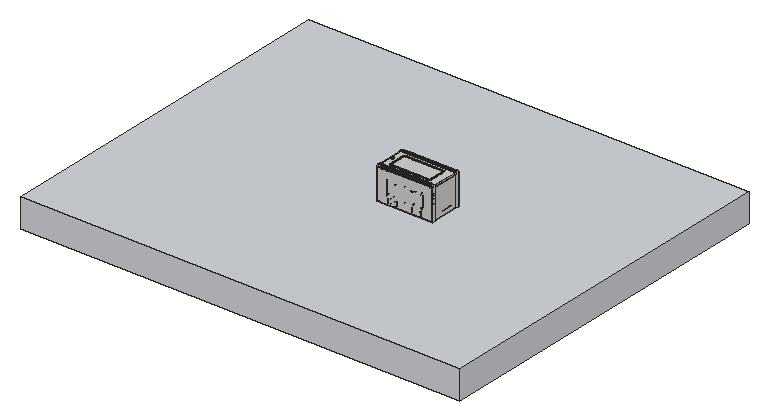
Revit family "ШТ-НСр 600х350", category Обобщенные модели, Revit 2019
Family settings
  Основа = Грань
  Может служить основой для арматурных стержней = Нет
  Размер круглого соединителя = Использовать диаметр
  Тип детали = Нормальный
  При загрузке вырезать с полостями = Нет
  Общий = Нет
  Точка расчета площади = Нет
Parameters (values of type "ШТ-НСр 6U (600х350мм) перфорированная дверь")
  Смещение двери = ADSK_Размер_Глубина - 24 mm  # 326 mm
  Default Elevation = 800 mm
  Крышка = Крышка 350 : Крышка 350
  Дверь = Дверь_П : Дверь_П
  Высота двери = ADSK_Размер_Высота - 80 mm  # 280 mm
  ADSK_Этаж [instance] = "-"
  ADSK_Размер_Ширина = 600 mm  # constant formula
  ADSK_Размер_Глубина = 350 mm  # constant formula
  ADSK_Размер_Высота = 360 mm
  ADSK_Примечание [instance] = "-"
  ADSK_Предел огнестойкости = "-"
  ADSK_Позиция [instance] = "-"
  ADSK_Обозначение = "ШТ-НСр 6U (600х350мм) перфорированная дверь"
  ADSK_Наименование = "Шкаф телекоммуникационный настенный разборный 19”,6U(600x350), ШТ-НСр-6U-600-350-П дверь перфорированная ССД"
  ADSK_Материал обозначение = "Серый RAL 7035"  # constant formula
  ADSK_Масса_Текст = "13,5"
  ADSK_Марка [instance] = "ШТ-НСр 6U (600х350мм) перфорированная дверь"
  ADSK_Количество = 1  # constant formula
  ADSK_Код изделия = "130411-00547"
  ADSK_Зона = "-"
  ADSK_Завод-изготовитель = "АО СВЯЗЬСТРОЙДЕТАЛЬ"  # constant formula
  ADSK_Единица измерения = "шт"  # constant formula
  ADSK_URL страницы изделия = "https://www.ssd.ru/shkaf-telekommunikatsionnyy-nastennyy-razbornyy-19-6u-600x350-sht-nsr-6u-600-350-p-dver-perforirovan"
  ADSK_URL документации изделия = "https://www.ssd.ru/upload/iblock/702/fbps99x9t5k7rvodinq4s9cgysybksc9/sert_sht_np.pdf"
Reference planes
  plane 1 "По центру (Вперед/Назад)": y = 0
  plane 2: z = 0
  plane 3 "По центру (Влево/Вправо)": x = 0
  plane 4: y = 180
  plane 5: y = -180
  plane 6: x = 300
  plane 7: x = -300
  plane 8: z = 350
  plane 9: y = 140
  plane 10: y = -140
  plane 11: z = 326
Forms (mm)
  Extrusion 1, solid
    sketch origin (0, 0, 0) x (1, 0, 0) y (0, 1, 0)
      loop
        line (-2700, 1900) -> (-2700, -2015.656) -> (2062.959, -2015.656) -> (2062.959, 1900) -> (-2700, 1900)
    from 0 to -304.8
  Blend 2, solid, not visible
    base sketch origin (-23.449, -36.614, 0) x (1, 0, 0) y (0, 1, 0)
      loop
        circle (-248.551, 36.614) r 12
    top sketch origin (-23.449, -36.614, 0) x (1, 0, 0) y (0, 1, 0)
      loop
        circle (-248.551, 36.614) r 9
    from 347 to 350
  Extrusion 3, solid, not visible
    sketch origin (-105.449, 0, 0) x (1, 0, 0) y (0, 1, 0)
      loop
        circle (-166.551, 0) r 12
    from 346 to 347
  Extrusion 4, void, not visible
    sketch origin (0, -0.025, 0) x (1, 0, 0) y (0, 1, 0)
      loop
        line (-275.828, 0.869) -> (-275.828, -0.725) -> (-267.824, -0.725) -> (-267.824, 0.869) -> (-275.828, 0.869)
    from 347 to 350
  Extrusion 5, solid, material "RAL 7035", detail levels medium+fine
    sketch origin (0, 0, 0) x (-1, 0, 0) y (0, 0, -1)
      loop
        arc (300, -2.994) -> (299.123, -0.877) -> (297.006, 0) r 2.994
        line (297.006, 0) -> (246.94, 0)
        arc (246.94, 0) -> (246.44, -0.501) -> (246.94, -1.001) r 0.501
        line (246.94, -1.001) -> (296.006, -1.001)
        arc (296.006, -1.001) -> (298.132, -1.882) -> (299.013, -4.008) r 3.007
        line (299.013, -4.008) -> (299.013, -325.506)
        arc (299.013, -325.506) -> (299.506, -326) -> (300, -325.506) r 0.494
        line (300, -325.506) -> (300, -2.994)
      loop
        line (-300, -3.007) -> (-300, -325.5)
        arc (-300, -325.5) -> (-299.5, -326) -> (-299, -325.5) r 0.5
        line (-299, -325.5) -> (-299, -4.009)
        arc (-299, -4.009) -> (-298.119, -1.883) -> (-295.993, -1.002) r 3.007
        line (-295.993, -1.002) -> (-246.948, -1.002)
        arc (-246.948, -1.002) -> (-246.447, -0.501) -> (-246.948, 0) r 0.501
        line (-246.948, 0) -> (-296.993, 0)
        arc (-296.993, 0) -> (-299.119, -0.881) -> (-300, -3.007) r 3.007
      loop
        arc (245.778, -0.994) -> (246.278, -0.494) -> (245.778, 0.006) r 0.5
        line (245.778, 0.006) -> (-245.93, 0.006)
        arc (-245.93, 0.006) -> (-246.43, -0.494) -> (-245.93, -0.994) r 0.5
        line (-245.93, -0.994) -> (245.778, -0.994)
    from -140 to 140
  Extrusion 6, void
    sketch origin (10, -269, 0.001) x (1, 0, 0) y (0, 1, 0)
      loop
        line (-281.504, 365) -> (-281.504, 360)
        arc (-281.504, 360) -> (-284.504, 353.755) -> (-281.504, 347.51) r 8
        line (-281.504, 347.51) -> (-281.504, 342.51)
        arc (-281.504, 342.51) -> (-276.504, 337.51) -> (-271.504, 342.51) r 5
        line (-271.504, 342.51) -> (-271.504, 347.51)
        arc (-271.504, 347.51) -> (-268.504, 353.755) -> (-271.504, 360) r 8
        line (-271.504, 360) -> (-271.504, 365)
        arc (-271.504, 365) -> (-276.504, 370) -> (-281.504, 365) r 5
    from 0 to 1
  Extrusion 7, void, not visible
    sketch origin (10, -180, 0) x (1, 0, 0) y (0, 1, 0)
      loop
        line (-281.504, 365) -> (-281.504, 360)
        arc (-281.504, 360) -> (-284.504, 353.755) -> (-281.504, 347.51) r 8
        line (-281.504, 347.51) -> (-281.504, 342.51)
        arc (-281.504, 342.51) -> (-276.504, 337.51) -> (-271.504, 342.51) r 5
        line (-271.504, 342.51) -> (-271.504, 347.51)
        arc (-271.504, 347.51) -> (-268.504, 353.755) -> (-271.504, 360) r 8
        line (-271.504, 360) -> (-271.504, 365)
        arc (-271.504, 365) -> (-276.504, 370) -> (-281.504, 365) r 5
    from 0 to 1
  Extrusion 8, void
    sketch origin (10, -136, 0) x (1, 0, 0) y (0, 1, 0)
      loop
        arc (-281.504, 40) -> (-276.504, 35) -> (-271.504, 40) r 5
        line (-271.504, 40) -> (-271.504, 45)
        arc (-271.504, 45) -> (-268.504, 51.245) -> (-271.504, 57.49) r 8
        line (-271.504, 57.49) -> (-271.504, 62.49)
        arc (-271.504, 62.49) -> (-276.504, 67.49) -> (-281.504, 62.49) r 5
        line (-281.504, 62.49) -> (-281.504, 57.49)
        arc (-281.504, 57.49) -> (-284.504, 51.245) -> (-281.504, 45) r 8
        line (-281.504, 45) -> (-281.504, 40)
    from 0 to 1
  Extrusion 9, void
    sketch origin (-10, 136, 0) x (-1, 0, 0) y (0, -1, 0)
      loop
        arc (-281.504, 40) -> (-276.504, 35) -> (-271.504, 40) r 5
        line (-271.504, 40) -> (-271.504, 45)
        arc (-271.504, 45) -> (-268.504, 51.245) -> (-271.504, 57.49) r 8
        line (-271.504, 57.49) -> (-271.504, 62.49)
        arc (-271.504, 62.49) -> (-276.504, 67.49) -> (-281.504, 62.49) r 5
        line (-281.504, 62.49) -> (-281.504, 57.49)
        arc (-281.504, 57.49) -> (-284.504, 51.245) -> (-281.504, 45) r 8
        line (-281.504, 45) -> (-281.504, 40)
    from 0 to 1
  Extrusion 10, void
    sketch origin (-10, 269, 0) x (-1, 0, 0) y (0, -1, 0)
      loop
        line (-281.504, 365) -> (-281.504, 360)
        arc (-281.504, 360) -> (-284.504, 353.755) -> (-281.504, 347.51) r 8
        line (-281.504, 347.51) -> (-281.504, 342.51)
        arc (-281.504, 342.51) -> (-276.504, 337.51) -> (-271.504, 342.51) r 5
        line (-271.504, 342.51) -> (-271.504, 347.51)
        arc (-271.504, 347.51) -> (-268.504, 353.755) -> (-271.504, 360) r 8
        line (-271.504, 360) -> (-271.504, 365)
        arc (-271.504, 365) -> (-276.504, 370) -> (-281.504, 365) r 5
    from 0 to 1
  Extrusion 11, solid, detail levels coarse
    sketch origin (0, 0, 0) x (1, 0, 0) y (0, 1, 0)
      loop
        line (-300, 180) -> (-300, -180) -> (300, -180) -> (300, 180) -> (-300, 180)
    from 0 to 350
Cuts and joins
  Extrusion 6, Extrusion 8, Extrusion 9, Extrusion 10 cuts Extrusion 5
Lines and regions (mm)
  reference lines, not visible
    curve 1: line (0, 154.048, 340) -> (0, 154.048, 350)
    curve 2: line (-300, 322.037, -0.596) -> (-120, 322.037, -0.596)
    curve 4: line (-274.504, 173.755, 0) -> (-258.504, 173.755, 0)
  reference lines
    curve 3: line (-274.504, 84.755, 0.001) -> (-258.504, 84.755, 0.001)
    curve 5: line (-274.504, -84.755, 0) -> (-258.504, -84.755, 0)
    curve 6: line (274.504, 84.755, 0) -> (258.504, 84.755, 0)
    curve 7: line (274.504, -84.755, 0) -> (258.504, -84.755, 0)
Dimensions and locks
  equal spacing: plane 7, plane 3 "По центру (Влево/Вправо)", plane 6
  "ADSK_Размер_Ширина": plane 7 to plane 6
  equal spacing: plane 5, plane 1 "По центру (Вперед/Назад)", plane 4
  "ADSK_Размер_Высота": plane 5 to plane 4
  "ADSK_Размер_Глубина": Extrusion 1 to plane 8
  locked: plane 9 to plane 4 at 40
  locked: plane 5 to plane 10 at 40
  locked: curve 3 to plane 9 at 55.245
  locked: plane 10 to curve 5 at 55.245
  locked: plane 9 to curve 6 at 55.245
  locked: curve 7 to plane 10 at 55.245
  locked: plane 11 to plane 8 at 24
  locked: nested 2 to plane 5 at 250
  locked: plane 4 to nested 3 at 250
  aligned and locked: Extrusion 1 to plane 2
  aligned and locked: Extrusion 1 to level
  aligned and locked: Blend 2 to Extrusion 4
  aligned and locked: Extrusion 5 to level  (x2)
  aligned and locked: Extrusion 5 to plane 2
  aligned and locked: Extrusion 5 to plane 7
  aligned and locked: plane 6 to Extrusion 5
  aligned and locked: Extrusion 5 to Extrusion 6
  aligned and locked: Extrusion 5 to plane 9
  aligned and locked: plane 10 to Extrusion 5
  aligned and locked: plane 6 to Extrusion 11
  aligned and locked: Extrusion 11 to plane 4
  aligned and locked: Extrusion 11 to plane 7
  aligned and locked: plane 5 to Extrusion 11
  aligned and locked: Extrusion 11 to plane 8
  aligned and locked: Extrusion 11 to level
Automatic sketch dimensions
  curve 1 to curve 1 = 10 mm
  Extrusion 4 sketch curve to Extrusion 4 sketch curve = 8.004 mm
  Extrusion 4 sketch curve to Extrusion 4 sketch curve = 1.595 mm
  curve 2 to curve 2 = 180 mm
  Extrusion 1 sketch curve to Extrusion 1 sketch curve = 4762.959 mm
  Extrusion 1 sketch curve to Extrusion 1 sketch curve = 3915.656 mm
  Extrusion 6 sketch curve to Extrusion 6 sketch curve = 0 mm  (x5)
  Extrusion 6 sketch curve to Extrusion 6 sketch curve = 5 mm  (x6)
  Extrusion 6 sketch curve to Extrusion 6 sketch curve = 6.245 mm
  Extrusion 7 sketch curve to Extrusion 7 sketch curve = 0 mm  (x5)
  Extrusion 7 sketch curve to Extrusion 7 sketch curve = 5 mm  (x6)
  Extrusion 7 sketch curve to Extrusion 7 sketch curve = 6.245 mm
  Extrusion 8 sketch curve to Extrusion 8 sketch curve = 0 mm  (x5)
  Extrusion 8 sketch curve to Extrusion 8 sketch curve = 5 mm  (x6)
  Extrusion 8 sketch curve to Extrusion 8 sketch curve = 6.245 mm
  Extrusion 9 sketch curve to Extrusion 9 sketch curve = 0 mm  (x5)
  Extrusion 9 sketch curve to Extrusion 9 sketch curve = 5 mm  (x6)
  Extrusion 9 sketch curve to Extrusion 9 sketch curve = 6.245 mm
  Extrusion 10 sketch curve to Extrusion 10 sketch curve = 0 mm  (x5)
  Extrusion 10 sketch curve to Extrusion 10 sketch curve = 5 mm  (x6)
  Extrusion 10 sketch curve to Extrusion 10 sketch curve = 6.245 mm
  Extrusion 5 sketch curve to plane 6 = 0 mm
  Extrusion 5 sketch curve to level = 0 mm  (x2)
  level to Extrusion 5 sketch curve = 0.006 mm
  plane 7 to Extrusion 5 sketch curve = 0 mm
  Extrusion 5 sketch curve to Extrusion 5 sketch curve = 0.5 mm
  Extrusion 5 sketch curve to Extrusion 5 sketch curve = 2.007 mm
  Extrusion 5 sketch curve to level = 1.002 mm
  Extrusion 5 sketch curve to Extrusion 5 sketch curve = 1 mm  (x2)
  Extrusion 5 sketch curve to Extrusion 5 sketch curve = 49.046 mm
  Extrusion 5 sketch curve to level = 0.994 mm
  Extrusion 5 sketch curve to plane 7 = 54.222 mm
  Extrusion 5 sketch curve to level = 1.001 mm
  Extrusion 5 sketch curve to Extrusion 5 sketch curve = 1.162 mm
  Extrusion 5 sketch curve to plane 7 = 3.994 mm
  Extrusion 5 sketch curve to plane 7 = 0.987 mm
  Extrusion 5 sketch curve to plane 8 = 24.5 mm
  Extrusion 5 sketch curve to plane 8 = 24.494 mm
  Extrusion 5 sketch curve to Extrusion 5 sketch curve = 1.018 mm
  plane 5 to Extrusion 11 sketch curve = 0 mm
  Extrusion 11 sketch curve to plane 7 = 0 mm
  plane 6 to Extrusion 11 sketch curve = 0 mm
  Extrusion 11 sketch curve to plane 4 = 0 mm
  radius of Blend 2 sketch curve = 12 mm
  radius of Blend 2 sketch curve = 9 mm
  radius of Extrusion 3 sketch curve = 12 mm
Nested families
  nested 1: "Дверь_П" at (0, 0, 326), type <- "Дверь", built-in parameter 1001364 <- "Смещение двери", ADSK_Размер_Высота <- "Высота двери", type "Дверь_П"
    with ADSK_Размер_Высота 280 mm
  nested 2: "Крышка 350" at (0, 70, 0) x (-1, 0, 0) z (0, 0, 1), type <- "Крышка", type "Крышка 350"
  nested 3: "Крышка 350" at (0, -70, 0) x (-1, 0, 0) z (0, 0, 1), type <- "Крышка", type "Крышка 350"
Definition of nested family "Дверь_П"
  Parameters (values of type "Дверь_П")
    Ширина = 600 mm
    Стекло = no
    Материал дверцы = none
    Глубина_двери = 1000 mm
    ADSK_Размер_Высота [instance] = 400 mm
  Reference planes
    plane 1 "По центру (Вперед/Назад)": y = 0
    plane 2: z = 0
    plane 3 "По центру (Влево/Вправо)": x = 0
    plane 4: y = 200
    plane 5: y = -200
    plane 6: x = 300
    plane 7: x = -300
    plane 8: z = -1000
  Forms (mm)
    Extrusion 1, solid, detail levels medium+fine
      sketch origin (-48.253, -13.282, 0) x (1, 0, 0) y (0, 1, 0)
        loop
          circle (-223.747, 13.282) r 12
      from 20 to 21
    Blend 2, solid, detail levels medium+fine
      base sketch origin (-60.253, -13.282, 0) x (1, 0, 0) y (0, 1, 0)
        loop
          circle (-211.747, 13.282) r 12
      top sketch origin (-60.253, -13.282, 0) x (1, 0, 0) y (0, 1, 0)
        loop
          circle (-211.747, 13.282) r 9
      from 21 to 24
    Extrusion 3, void, detail levels medium+fine
      sketch origin (-48.253, -13.282, 0) x (1, 0, 0) y (0, 1, 0)
        loop
          line (-228.747, 14.532) -> (-228.747, 12.032) -> (-218.747, 12.032) -> (-218.747, 14.532) -> (-228.747, 14.532)
      from 22 to 24
    Extrusion 4, solid, not visible
      sketch origin (0, 0, 0) x (1, 0, 0) y (0, 1, 0)
        loop
          arc (-297, 180) -> (-299.121, 179.121) -> (-300, 177) r 3
          line (-300, 177) -> (-300, -177)
          arc (-300, -177) -> (-299.121, -179.121) -> (-297, -180) r 3
          line (-297, -180) -> (297, -180)
          arc (297, -180) -> (299.121, -179.121) -> (300, -177) r 3
          line (300, -177) -> (300, 177)
          arc (300, 177) -> (299.121, 179.121) -> (297, 180) r 3
          line (297, 180) -> (-297, 180)
      from 0 to 20
    Extrusion 5, solid, not visible
      sketch origin (0, 0, 0) x (1, 0, 0) y (0, 1, 0)
        loop
          circle (-223.747, 13.282) r 12
      from 20 to 21
    Blend 6, solid, not visible
      base sketch origin (-12, 0, 0) x (1, 0, 0) y (0, 1, 0)
        loop
          circle (-211.747, 13.282) r 12
      top sketch origin (-12, 0, 0) x (1, 0, 0) y (0, 1, 0)
        loop
          circle (-211.747, 13.282) r 9
      from 21 to 24
    Extrusion 7, void, not visible
      sketch origin (0, 0, 0) x (1, 0, 0) y (0, 1, 0)
        loop
          line (-228.747, 14.532) -> (-228.747, 12.032) -> (-218.747, 12.032) -> (-218.747, 14.532) -> (-228.747, 14.532)
      from 22 to 24
    Extrusion 8, solid, detail levels medium+fine
      sketch origin (0, 0, 0) x (1, 0, 0) y (0, 1, 0)
        loop
          arc (-297, 200) -> (-299.121, 199.121) -> (-300, 197) r 3
          line (-300, 197) -> (-300, -197)
          arc (-300, -197) -> (-299.121, -199.121) -> (-297, -200) r 3
          line (-297, -200) -> (297, -200)
          arc (297, -200) -> (299.121, -199.121) -> (300, -197) r 3
          line (300, -197) -> (300, 197)
          arc (300, 197) -> (299.121, 199.121) -> (297, 200) r 3
          line (297, 200) -> (-297, 200)
      from 0 to 20
    Extrusion 9, void
      sketch origin (0, 0, 0) x (0, 1, 0) y (0, 0, 1)
        loop
          line (200, 17) -> (200, 20) -> (197, 20)
          arc (197, 20) -> (199.121, 19.121) -> (200, 17) r 3
        loop
          arc (-200, 17) -> (-199.121, 19.121) -> (-197, 20) r 3
          line (-197, 20) -> (-200, 20) -> (-200, 17)
        loop
          arc (200, 3) -> (199.121, 0.879) -> (197, 0) r 3
          line (197, 0) -> (200, 0) -> (200, 3)
        loop
          line (-200, 3) -> (-200, 0) -> (-197, 0)
          arc (-197, 0) -> (-199.121, 0.879) -> (-200, 3) r 3
      from -300 to 300
    Extrusion 10, void
      sketch origin (0, 0, 0) x (1, 0, 0) y (0, 0, 1)
        loop
          line (-297, 20) -> (-300, 20) -> (-300, 17)
          arc (-300, 17) -> (-299.121, 19.121) -> (-297, 20) r 3
        loop
          arc (297, 20) -> (299.121, 19.121) -> (300, 17) r 3
          line (300, 17) -> (300, 20) -> (297, 20)
        loop
          arc (-297, 0) -> (-299.121, 0.879) -> (-300, 3) r 3
          line (-300, 3) -> (-300, 0) -> (-297, 0)
        loop
          line (297, 0) -> (300, 0) -> (300, 3)
          arc (300, 3) -> (299.121, 0.879) -> (297, 0) r 3
      from -200 to 200
    Extrusion 11, void
      sketch origin (0, 0, 0) x (1, 0, 0) y (0, 1, 0)
        loop
          line (-297, 197) -> (-297, -197) -> (297, -197) -> (297, 197) -> (-297, 197)
      from 0 to 18.011
    Extrusion 12, void, detail levels fine
      sketch origin (0, 0, 0) x (1, 0, 0) y (0, 1, 0)
        loop
          line (-217.443, 98.5) -> (-221.6, 96.1) -> (-221.6, 91.3) -> (-217.443, 88.9) -> (-213.286, 91.3) -> (-213.286, 96.1) -> (-217.443, 98.5)
        loop
          line (-207.629, 98.5) -> (-211.786, 96.1) -> (-211.786, 91.3) -> (-207.629, 88.9) -> (-203.472, 91.3) -> (-203.472, 96.1) -> (-207.629, 98.5)
        loop
          line (-197.815, 98.5) -> (-201.972, 96.1) -> (-201.972, 91.3) -> (-197.815, 88.9) -> (-193.658, 91.3) -> (-193.658, 96.1) -> (-197.815, 98.5)
        loop
          line (-188.002, 98.5) -> (-192.158, 96.1) -> (-192.158, 91.3) -> (-188.002, 88.9) -> (-183.845, 91.3) -> (-183.845, 96.1) -> (-188.002, 98.5)
        loop
          line (-178.188, 98.5) -> (-182.345, 96.1) -> (-182.345, 91.3) -> (-178.188, 88.9) -> (-174.031, 91.3) -> (-174.031, 96.1) -> (-178.188, 98.5)
        loop
          line (-168.374, 98.5) -> (-172.531, 96.1) -> (-172.531, 91.3) -> (-168.374, 88.9) -> (-164.217, 91.3) -> (-164.217, 96.1) -> (-168.374, 98.5)
        loop
          line (-158.56, 98.5) -> (-162.717, 96.1) -> (-162.717, 91.3) -> (-158.56, 88.9) -> (-154.403, 91.3) -> (-154.403, 96.1) -> (-158.56, 98.5)
        loop
          line (-148.746, 98.5) -> (-152.903, 96.1) -> (-152.903, 91.3) -> (-148.746, 88.9) -> (-144.589, 91.3) -> (-144.589, 96.1) -> (-148.746, 98.5)
        loop
          line (-138.932, 98.5) -> (-143.089, 96.1) -> (-143.089, 91.3) -> (-138.932, 88.9) -> (-134.775, 91.3) -> (-134.775, 96.1) -> (-138.932, 98.5)
        loop
          line (-129.118, 98.5) -> (-133.275, 96.1) -> (-133.275, 91.3) -> (-129.118, 88.9) -> (-124.962, 91.3) -> (-124.962, 96.1) -> (-129.118, 98.5)
        loop
          line (-119.305, 98.5) -> (-123.462, 96.1) -> (-123.462, 91.3) -> (-119.305, 88.9) -> (-115.148, 91.3) -> (-115.148, 96.1) -> (-119.305, 98.5)
        loop
          line (-109.491, 98.5) -> (-113.648, 96.1) -> (-113.648, 91.3) -> (-109.491, 88.9) -> (-105.334, 91.3) -> (-105.334, 96.1) -> (-109.491, 98.5)
        loop
          line (-99.677, 98.5) -> (-103.834, 96.1) -> (-103.834, 91.3) -> (-99.677, 88.9) -> (-95.52, 91.3) -> (-95.52, 96.1) -> (-99.677, 98.5)
        loop
          line (-89.863, 98.5) -> (-94.02, 96.1) -> (-94.02, 91.3) -> (-89.863, 88.9) -> (-85.706, 91.3) -> (-85.706, 96.1) -> (-89.863, 98.5)
        loop
          line (-80.049, 98.5) -> (-84.206, 96.1) -> (-84.206, 91.3) -> (-80.049, 88.9) -> (-75.892, 91.3) -> (-75.892, 96.1) -> (-80.049, 98.5)
        loop
          line (-70.235, 98.5) -> (-74.392, 96.1) -> (-74.392, 91.3) -> (-70.235, 88.9) -> (-66.078, 91.3) -> (-66.078, 96.1) -> (-70.235, 98.5)
        loop
          line (-60.422, 98.5) -> (-64.578, 96.1) -> (-64.578, 91.3) -> (-60.422, 88.9) -> (-56.265, 91.3) -> (-56.265, 96.1) -> (-60.422, 98.5)
        loop
          line (-50.608, 98.5) -> (-54.765, 96.1) -> (-54.765, 91.3) -> (-50.608, 88.9) -> (-46.451, 91.3) -> (-46.451, 96.1) -> (-50.608, 98.5)
        loop
          line (-40.794, 98.5) -> (-44.951, 96.1) -> (-44.951, 91.3) -> (-40.794, 88.9) -> (-36.637, 91.3) -> (-36.637, 96.1) -> (-40.794, 98.5)
        loop
          line (-30.98, 98.5) -> (-35.137, 96.1) -> (-35.137, 91.3) -> (-30.98, 88.9) -> (-26.823, 91.3) -> (-26.823, 96.1) -> (-30.98, 98.5)
        loop
          line (-21.166, 98.5) -> (-25.323, 96.1) -> (-25.323, 91.3) -> (-21.166, 88.9) -> (-17.009, 91.3) -> (-17.009, 96.1) -> (-21.166, 98.5)
        loop
          line (-11.352, 98.5) -> (-15.509, 96.1) -> (-15.509, 91.3) -> (-11.352, 88.9) -> (-7.195, 91.3) -> (-7.195, 96.1) -> (-11.352, 98.5)
        loop
          line (-1.539, 98.5) -> (-5.695, 96.1) -> (-5.695, 91.3) -> (-1.539, 88.9) -> (2.618, 91.3) -> (2.618, 96.1) -> (-1.539, 98.5)
        loop
          line (8.275, 98.5) -> (4.118, 96.1) -> (4.118, 91.3) -> (8.275, 88.9) -> (12.432, 91.3) -> (12.432, 96.1) -> (8.275, 98.5)
        loop
          line (18.089, 98.5) -> (13.932, 96.1) -> (13.932, 91.3) -> (18.089, 88.9) -> (22.246, 91.3) -> (22.246, 96.1) -> (18.089, 98.5)
        loop
          line (27.903, 98.5) -> (23.746, 96.1) -> (23.746, 91.3) -> (27.903, 88.9) -> (32.06, 91.3) -> (32.06, 96.1) -> (27.903, 98.5)
        loop
          line (37.717, 98.5) -> (33.56, 96.1) -> (33.56, 91.3) -> (37.717, 88.9) -> (41.874, 91.3) -> (41.874, 96.1) -> (37.717, 98.5)
        loop
          line (47.531, 98.5) -> (43.374, 96.1) -> (43.374, 91.3) -> (47.531, 88.9) -> (51.688, 91.3) -> (51.688, 96.1) -> (47.531, 98.5)
        loop
          line (57.345, 98.5) -> (53.188, 96.1) -> (53.188, 91.3) -> (57.345, 88.9) -> (61.501, 91.3) -> (61.501, 96.1) -> (57.345, 98.5)
        loop
          line (67.158, 98.5) -> (63.001, 96.1) -> (63.001, 91.3) -> (67.158, 88.9) -> (71.315, 91.3) -> (71.315, 96.1) -> (67.158, 98.5)
        loop
          line (76.972, 98.5) -> (72.815, 96.1) -> (72.815, 91.3) -> (76.972, 88.9) -> (81.129, 91.3) -> (81.129, 96.1) -> (76.972, 98.5)
        loop
          line (86.786, 98.5) -> (82.629, 96.1) -> (82.629, 91.3) -> (86.786, 88.9) -> (90.943, 91.3) -> (90.943, 96.1) -> (86.786, 98.5)
        loop
          line (96.6, 98.5) -> (92.443, 96.1) -> (92.443, 91.3) -> (96.6, 88.9) -> (100.757, 91.3) -> (100.757, 96.1) -> (96.6, 98.5)
        loop
          line (106.414, 98.5) -> (102.257, 96.1) -> (102.257, 91.3) -> (106.414, 88.9) -> (110.571, 91.3) -> (110.571, 96.1) -> (106.414, 98.5)
        loop
          line (116.228, 98.5) -> (112.071, 96.1) -> (112.071, 91.3) -> (116.228, 88.9) -> (120.385, 91.3) -> (120.385, 96.1) -> (116.228, 98.5)
        loop
          line (126.041, 98.5) -> (121.885, 96.1) -> (121.885, 91.3) -> (126.041, 88.9) -> (130.198, 91.3) -> (130.198, 96.1) -> (126.041, 98.5)
        loop
          line (135.855, 98.5) -> (131.698, 96.1) -> (131.698, 91.3) -> (135.855, 88.9) -> (140.012, 91.3) -> (140.012, 96.1) -> (135.855, 98.5)
        loop
          line (145.669, 98.5) -> (141.512, 96.1) -> (141.512, 91.3) -> (145.669, 88.9) -> (149.826, 91.3) -> (149.826, 96.1) -> (145.669, 98.5)
        loop
          line (155.483, 98.5) -> (151.326, 96.1) -> (151.326, 91.3) -> (155.483, 88.9) -> (159.64, 91.3) -> (159.64, 96.1) -> (155.483, 98.5)
        loop
          line (165.297, 98.5) -> (161.14, 96.1) -> (161.14, 91.3) -> (165.297, 88.9) -> (169.454, 91.3) -> (169.454, 96.1) -> (165.297, 98.5)
        loop
          line (175.111, 98.5) -> (170.954, 96.1) -> (170.954, 91.3) -> (175.111, 88.9) -> (179.268, 91.3) -> (179.268, 96.1) -> (175.111, 98.5)
        loop
          line (184.925, 98.5) -> (180.768, 96.1) -> (180.768, 91.3) -> (184.925, 88.9) -> (189.081, 91.3) -> (189.081, 96.1) -> (184.925, 98.5)
        loop
          line (194.738, 98.5) -> (190.581, 96.1) -> (190.581, 91.3) -> (194.738, 88.9) -> (198.895, 91.3) -> (198.895, 96.1) -> (194.738, 98.5)
        loop
          line (204.552, 98.5) -> (200.395, 96.1) -> (200.395, 91.3) -> (204.552, 88.9) -> (208.709, 91.3) -> (208.709, 96.1) -> (204.552, 98.5)
        loop
          line (214.366, 98.5) -> (210.209, 96.1) -> (210.209, 91.3) -> (214.366, 88.9) -> (218.523, 91.3) -> (218.523, 96.1) -> (214.366, 98.5)
        loop
          line (-222.35, 90.001) -> (-226.507, 87.601) -> (-226.507, 82.801) -> (-222.35, 80.401) -> (-218.193, 82.801) -> (-218.193, 87.601) -> (-222.35, 90.001)
        loop
          line (209.459, 90.001) -> (205.302, 87.601) -> (205.302, 82.801) -> (209.459, 80.401) -> (213.616, 82.801) -> (213.616, 87.601) -> (209.459, 90.001)
        loop
          line (-221.6, 79.102) -> (-221.6, 74.302) -> (-217.443, 71.902) -> (-213.286, 74.302) -> (-213.286, 79.102) -> (-217.443, 81.502) -> (-221.6, 79.102)
        loop
          line (214.366, 81.502) -> (210.209, 79.102) -> (210.209, 74.302) -> (214.366, 71.902) -> (218.523, 74.302) -> (218.523, 79.102) -> (214.366, 81.502)
        loop
          line (-222.35, 73.003) -> (-226.507, 70.603) -> (-226.507, 65.803) -> (-222.35, 63.403) -> (-218.193, 65.803) -> (-218.193, 70.603) -> (-222.35, 73.003)
        loop
          line (209.459, 73.003) -> (205.302, 70.603) -> (205.302, 65.803) -> (209.459, 63.403) -> (213.616, 65.803) -> (213.616, 70.603) -> (209.459, 73.003)
        loop
          line (-221.6, 62.104) -> (-221.6, 57.304) -> (-217.443, 54.904) -> (-213.286, 57.304) -> (-213.286, 62.104) -> (-217.443, 64.504) -> (-221.6, 62.104)
        loop
          line (214.366, 64.504) -> (210.209, 62.104) -> (210.209, 57.304) -> (214.366, 54.904) -> (218.523, 57.304) -> (218.523, 62.104) -> (214.366, 64.504)
        loop
          line (-222.35, 56.005) -> (-226.507, 53.605) -> (-226.507, 48.805) -> (-222.35, 46.405) -> (-218.193, 48.805) -> (-218.193, 53.605) -> (-222.35, 56.005)
        loop
          line (209.459, 56.005) -> (205.302, 53.605) -> (205.302, 48.805) -> (209.459, 46.405) -> (213.616, 48.805) -> (213.616, 53.605) -> (209.459, 56.005)
        loop
          line (-221.6, 45.106) -> (-221.6, 40.306) -> (-217.443, 37.906) -> (-213.286, 40.306) -> (-213.286, 45.106) -> (-217.443, 47.506) -> (-221.6, 45.106)
        loop
          line (214.366, 47.506) -> (210.209, 45.106) -> (210.209, 40.306) -> (214.366, 37.906) -> (218.523, 40.306) -> (218.523, 45.106) -> (214.366, 47.506)
        loop
          line (-222.35, 39.007) -> (-226.507, 36.607) -> (-226.507, 31.807) -> (-222.35, 29.407) -> (-218.193, 31.807) -> (-218.193, 36.607) -> (-222.35, 39.007)
        loop
          line (209.459, 39.007) -> (205.302, 36.607) -> (205.302, 31.807) -> (209.459, 29.407) -> (213.616, 31.807) -> (213.616, 36.607) -> (209.459, 39.007)
        loop
          line (-221.6, 28.108) -> (-221.6, 23.308) -> (-217.443, 20.908) -> (-213.286, 23.308) -> (-213.286, 28.108) -> (-217.443, 30.508) -> (-221.6, 28.108)
        loop
          line (214.366, 30.508) -> (210.209, 28.108) -> (210.209, 23.308) -> (214.366, 20.908) -> (218.523, 23.308) -> (218.523, 28.108) -> (214.366, 30.508)
        loop
          line (-222.35, 22.009) -> (-226.507, 19.609) -> (-226.507, 14.809) -> (-222.35, 12.409) -> (-218.193, 14.809) -> (-218.193, 19.609) -> (-222.35, 22.009)
        loop
          line (209.459, 22.009) -> (205.302, 19.609) -> (205.302, 14.809) -> (209.459, 12.409) -> (213.616, 14.809) -> (213.616, 19.609) -> (209.459, 22.009)
        loop
          line (-221.6, 11.11) -> (-221.6, 6.31) -> (-217.443, 3.91) -> (-213.286, 6.31) -> (-213.286, 11.11) -> (-217.443, 13.51) -> (-221.6, 11.11)
        loop
          line (214.366, 13.51) -> (210.209, 11.11) -> (210.209, 6.31) -> (214.366, 3.91) -> (218.523, 6.31) -> (218.523, 11.11) -> (214.366, 13.51)
        loop
          line (-222.35, 5.011) -> (-226.507, 2.611) -> (-226.507, -2.189) -> (-222.35, -4.589) -> (-218.193, -2.189) -> (-218.193, 2.611) -> (-222.35, 5.011)
        loop
          line (209.459, 5.011) -> (205.302, 2.611) -> (205.302, -2.189) -> (209.459, -4.589) -> (213.616, -2.189) -> (213.616, 2.611) -> (209.459, 5.011)
        loop
          line (-221.6, -5.888) -> (-221.6, -10.688) -> (-217.443, -13.088) -> (-213.286, -10.688) -> (-213.286, -5.888) -> (-217.443, -3.488) -> (-221.6, -5.888)
        loop
          line (214.366, -3.488) -> (210.209, -5.888) -> (210.209, -10.688) -> (214.366, -13.088) -> (218.523, -10.688) -> (218.523, -5.888) -> (214.366, -3.488)
        loop
          line (-222.35, -11.987) -> (-226.507, -14.387) -> (-226.507, -19.187) -> (-222.35, -21.587) -> (-218.193, -19.187) -> (-218.193, -14.387) -> (-222.35, -11.987)
        loop
          line (209.459, -11.987) -> (205.302, -14.387) -> (205.302, -19.187) -> (209.459, -21.587) -> (213.616, -19.187) -> (213.616, -14.387) -> (209.459, -11.987)
        loop
          line (-221.6, -22.887) -> (-221.6, -27.687) -> (-217.443, -30.087) -> (-213.286, -27.687) -> (-213.286, -22.887) -> (-217.443, -20.487) -> (-221.6, -22.887)
        loop
          line (214.366, -20.487) -> (210.209, -22.887) -> (210.209, -27.687) -> (214.366, -30.087) -> (218.523, -27.687) -> (218.523, -22.887) -> (214.366, -20.487)
        loop
          line (-222.35, -28.986) -> (-226.507, -31.386) -> (-226.507, -36.186) -> (-222.35, -38.586) -> (-218.193, -36.186) -> (-218.193, -31.386) -> (-222.35, -28.986)
        loop
          line (209.459, -28.986) -> (205.302, -31.386) -> (205.302, -36.186) -> (209.459, -38.586) -> (213.616, -36.186) -> (213.616, -31.386) -> (209.459, -28.986)
        loop
          line (-221.6, -39.885) -> (-221.6, -44.685) -> (-217.443, -47.085) -> (-213.286, -44.685) -> (-213.286, -39.885) -> (-217.443, -37.485) -> (-221.6, -39.885)
        loop
          line (214.366, -37.485) -> (210.209, -39.885) -> (210.209, -44.685) -> (214.366, -47.085) -> (218.523, -44.685) -> (218.523, -39.885) -> (214.366, -37.485)
        loop
          line (-222.35, -45.984) -> (-226.507, -48.384) -> (-226.507, -53.184) -> (-222.35, -55.584) -> (-218.193, -53.184) -> (-218.193, -48.384) -> (-222.35, -45.984)
        loop
          line (209.459, -45.984) -> (205.302, -48.384) -> (205.302, -53.184) -> (209.459, -55.584) -> (213.616, -53.184) -> (213.616, -48.384) -> (209.459, -45.984)
        loop
          line (-221.6, -56.883) -> (-221.6, -61.683) -> (-217.443, -64.083) -> (-213.286, -61.683) -> (-213.286, -56.883) -> (-217.443, -54.483) -> (-221.6, -56.883)
        loop
          line (214.366, -54.483) -> (210.209, -56.883) -> (210.209, -61.683) -> (214.366, -64.083) -> (218.523, -61.683) -> (218.523, -56.883) -> (214.366, -54.483)
        loop
          line (-222.35, -62.982) -> (-226.507, -65.382) -> (-226.507, -70.182) -> (-222.35, -72.582) -> (-218.193, -70.182) -> (-218.193, -65.382) -> (-222.35, -62.982)
        loop
          line (209.459, -62.982) -> (205.302, -65.382) -> (205.302, -70.182) -> (209.459, -72.582) -> (213.616, -70.182) -> (213.616, -65.382) -> (209.459, -62.982)
        loop
          line (-221.6, -73.881) -> (-221.6, -78.681) -> (-217.443, -81.081) -> (-213.286, -78.681) -> (-213.286, -73.881) -> (-217.443, -71.481) -> (-221.6, -73.881)
        loop
          line (214.366, -71.481) -> (210.209, -73.881) -> (210.209, -78.681) -> (214.366, -81.081) -> (218.523, -78.681) -> (218.523, -73.881) -> (214.366, -71.481)
        loop
          line (-222.35, -79.98) -> (-226.507, -82.38) -> (-226.507, -87.18) -> (-222.35, -89.58) -> (-218.193, -87.18) -> (-218.193, -82.38) -> (-222.35, -79.98)
        loop
          line (209.459, -79.98) -> (205.302, -82.38) -> (205.302, -87.18) -> (209.459, -89.58) -> (213.616, -87.18) -> (213.616, -82.38) -> (209.459, -79.98)
        loop
          line (-221.6, -90.879) -> (-221.6, -95.679) -> (-217.443, -98.079) -> (-213.286, -95.679) -> (-213.286, -90.879) -> (-217.443, -88.479) -> (-221.6, -90.879)
        loop
          line (214.366, -88.479) -> (210.209, -90.879) -> (210.209, -95.679) -> (214.366, -98.079) -> (218.523, -95.679) -> (218.523, -90.879) -> (214.366, -88.479)
        loop
          line (-222.35, -96.978) -> (-226.507, -99.378) -> (-226.507, -104.178) -> (-222.35, -106.578) -> (-218.193, -104.178) -> (-218.193, -99.378) -> (-222.35, -96.978)
        loop
          line (-212.536, -96.978) -> (-216.693, -99.378) -> (-216.693, -104.178) -> (-212.536, -106.578) -> (-208.379, -104.178) -> (-208.379, -99.378) -> (-212.536, -96.978)
        loop
          line (-202.722, -96.978) -> (-206.879, -99.378) -> (-206.879, -104.178) -> (-202.722, -106.578) -> (-198.565, -104.178) -> (-198.565, -99.378) -> (-202.722, -96.978)
        loop
          line (-192.908, -96.978) -> (-197.065, -99.378) -> (-197.065, -104.178) -> (-192.908, -106.578) -> (-188.752, -104.178) -> (-188.752, -99.378) -> (-192.908, -96.978)
        loop
          line (-183.095, -96.978) -> (-187.252, -99.378) -> (-187.252, -104.178) -> (-183.095, -106.578) -> (-178.938, -104.178) -> (-178.938, -99.378) -> (-183.095, -96.978)
        loop
          line (-173.281, -96.978) -> (-177.438, -99.378) -> (-177.438, -104.178) -> (-173.281, -106.578) -> (-169.124, -104.178) -> (-169.124, -99.378) -> (-173.281, -96.978)
        loop
          line (-163.467, -96.978) -> (-167.624, -99.378) -> (-167.624, -104.178) -> (-163.467, -106.578) -> (-159.31, -104.178) -> (-159.31, -99.378) -> (-163.467, -96.978)
        loop
          line (-153.653, -96.978) -> (-157.81, -99.378) -> (-157.81, -104.178) -> (-153.653, -106.578) -> (-149.496, -104.178) -> (-149.496, -99.378) -> (-153.653, -96.978)
        loop
          line (-143.839, -96.978) -> (-147.996, -99.378) -> (-147.996, -104.178) -> (-143.839, -106.578) -> (-139.682, -104.178) -> (-139.682, -99.378) -> (-143.839, -96.978)
        loop
          line (-134.025, -96.978) -> (-138.182, -99.378) -> (-138.182, -104.178) -> (-134.025, -106.578) -> (-129.868, -104.178) -> (-129.868, -99.378) -> (-134.025, -96.978)
        loop
          line (-124.212, -96.978) -> (-128.368, -99.378) -> (-128.368, -104.178) -> (-124.212, -106.578) -> (-120.055, -104.178) -> (-120.055, -99.378) -> (-124.212, -96.978)
        loop
          line (-114.398, -96.978) -> (-118.555, -99.378) -> (-118.555, -104.178) -> (-114.398, -106.578) -> (-110.241, -104.178) -> (-110.241, -99.378) -> (-114.398, -96.978)
        loop
          line (-104.584, -96.978) -> (-108.741, -99.378) -> (-108.741, -104.178) -> (-104.584, -106.578) -> (-100.427, -104.178) -> (-100.427, -99.378) -> (-104.584, -96.978)
        loop
          line (-94.77, -96.978) -> (-98.927, -99.378) -> (-98.927, -104.178) -> (-94.77, -106.578) -> (-90.613, -104.178) -> (-90.613, -99.378) -> (-94.77, -96.978)
        loop
          line (-84.956, -96.978) -> (-89.113, -99.378) -> (-89.113, -104.178) -> (-84.956, -106.578) -> (-80.799, -104.178) -> (-80.799, -99.378) -> (-84.956, -96.978)
        loop
          line (-75.142, -96.978) -> (-79.299, -99.378) -> (-79.299, -104.178) -> (-75.142, -106.578) -> (-70.985, -104.178) -> (-70.985, -99.378) -> (-75.142, -96.978)
        loop
          line (-65.328, -96.978) -> (-69.485, -99.378) -> (-69.485, -104.178) -> (-65.328, -106.578) -> (-61.172, -104.178) -> (-61.172, -99.378) -> (-65.328, -96.978)
        loop
          line (-55.515, -96.978) -> (-59.672, -99.378) -> (-59.672, -104.178) -> (-55.515, -106.578) -> (-51.358, -104.178) -> (-51.358, -99.378) -> (-55.515, -96.978)
        loop
          line (-45.701, -96.978) -> (-49.858, -99.378) -> (-49.858, -104.178) -> (-45.701, -106.578) -> (-41.544, -104.178) -> (-41.544, -99.378) -> (-45.701, -96.978)
        loop
          line (-35.887, -96.978) -> (-40.044, -99.378) -> (-40.044, -104.178) -> (-35.887, -106.578) -> (-31.73, -104.178) -> (-31.73, -99.378) -> (-35.887, -96.978)
        loop
          line (-26.073, -96.978) -> (-30.23, -99.378) -> (-30.23, -104.178) -> (-26.073, -106.578) -> (-21.916, -104.178) -> (-21.916, -99.378) -> (-26.073, -96.978)
        loop
          line (-16.259, -96.978) -> (-20.416, -99.378) -> (-20.416, -104.178) -> (-16.259, -106.578) -> (-12.102, -104.178) -> (-12.102, -99.378) -> (-16.259, -96.978)
        loop
          line (-6.445, -96.978) -> (-10.602, -99.378) -> (-10.602, -104.178) -> (-6.445, -106.578) -> (-2.289, -104.178) -> (-2.289, -99.378) -> (-6.445, -96.978)
        loop
          line (3.368, -96.978) -> (-0.789, -99.378) -> (-0.789, -104.178) -> (3.368, -106.578) -> (7.525, -104.178) -> (7.525, -99.378) -> (3.368, -96.978)
        loop
          line (13.182, -96.978) -> (9.025, -99.378) -> (9.025, -104.178) -> (13.182, -106.578) -> (17.339, -104.178) -> (17.339, -99.378) -> (13.182, -96.978)
        loop
          line (22.996, -96.978) -> (18.839, -99.378) -> (18.839, -104.178) -> (22.996, -106.578) -> (27.153, -104.178) -> (27.153, -99.378) -> (22.996, -96.978)
        loop
          line (32.81, -96.978) -> (28.653, -99.378) -> (28.653, -104.178) -> (32.81, -106.578) -> (36.967, -104.178) -> (36.967, -99.378) -> (32.81, -96.978)
        loop
          line (42.624, -96.978) -> (38.467, -99.378) -> (38.467, -104.178) -> (42.624, -106.578) -> (46.781, -104.178) -> (46.781, -99.378) -> (42.624, -96.978)
        loop
          line (52.438, -96.978) -> (48.281, -99.378) -> (48.281, -104.178) -> (52.438, -106.578) -> (56.595, -104.178) -> (56.595, -99.378) -> (52.438, -96.978)
        loop
          line (62.251, -96.978) -> (58.095, -99.378) -> (58.095, -104.178) -> (62.251, -106.578) -> (66.408, -104.178) -> (66.408, -99.378) -> (62.251, -96.978)
        loop
          line (72.065, -96.978) -> (67.908, -99.378) -> (67.908, -104.178) -> (72.065, -106.578) -> (76.222, -104.178) -> (76.222, -99.378) -> (72.065, -96.978)
        loop
          line (81.879, -96.978) -> (77.722, -99.378) -> (77.722, -104.178) -> (81.879, -106.578) -> (86.036, -104.178) -> (86.036, -99.378) -> (81.879, -96.978)
        loop
          line (91.693, -96.978) -> (87.536, -99.378) -> (87.536, -104.178) -> (91.693, -106.578) -> (95.85, -104.178) -> (95.85, -99.378) -> (91.693, -96.978)
        loop
          line (101.507, -96.978) -> (97.35, -99.378) -> (97.35, -104.178) -> (101.507, -106.578) -> (105.664, -104.178) -> (105.664, -99.378) -> (101.507, -96.978)
        loop
          line (111.321, -96.978) -> (107.164, -99.378) -> (107.164, -104.178) -> (111.321, -106.578) -> (115.478, -104.178) -> (115.478, -99.378) -> (111.321, -96.978)
        loop
          line (121.135, -96.978) -> (116.978, -99.378) -> (116.978, -104.178) -> (121.135, -106.578) -> (125.291, -104.178) -> (125.291, -99.378) -> (121.135, -96.978)
        loop
          line (130.948, -96.978) -> (126.791, -99.378) -> (126.791, -104.178) -> (130.948, -106.578) -> (135.105, -104.178) -> (135.105, -99.378) -> (130.948, -96.978)
        loop
          line (140.762, -96.978) -> (136.605, -99.378) -> (136.605, -104.178) -> (140.762, -106.578) -> (144.919, -104.178) -> (144.919, -99.378) -> (140.762, -96.978)
        loop
          line (150.576, -96.978) -> (146.419, -99.378) -> (146.419, -104.178) -> (150.576, -106.578) -> (154.733, -104.178) -> (154.733, -99.378) -> (150.576, -96.978)
        loop
          line (160.39, -96.978) -> (156.233, -99.378) -> (156.233, -104.178) -> (160.39, -106.578) -> (164.547, -104.178) -> (164.547, -99.378) -> (160.39, -96.978)
        loop
          line (170.204, -96.978) -> (166.047, -99.378) -> (166.047, -104.178) -> (170.204, -106.578) -> (174.361, -104.178) -> (174.361, -99.378) -> (170.204, -96.978)
        loop
          line (180.018, -96.978) -> (175.861, -99.378) -> (175.861, -104.178) -> (180.018, -106.578) -> (184.175, -104.178) -> (184.175, -99.378) -> (180.018, -96.978)
        loop
          line (189.831, -96.978) -> (185.675, -99.378) -> (185.675, -104.178) -> (189.831, -106.578) -> (193.988, -104.178) -> (193.988, -99.378) -> (189.831, -96.978)
        loop
          line (199.645, -96.978) -> (195.488, -99.378) -> (195.488, -104.178) -> (199.645, -106.578) -> (203.802, -104.178) -> (203.802, -99.378) -> (199.645, -96.978)
        loop
          line (209.459, -96.978) -> (205.302, -99.378) -> (205.302, -104.178) -> (209.459, -106.578) -> (213.616, -104.178) -> (213.616, -99.378) -> (209.459, -96.978)
      from 17 to 20
  Cuts and joins
    Extrusion 3, Extrusion 11 cuts Extrusion 1
    Extrusion 3, Extrusion 11 cuts Blend 2
    Extrusion 9, Extrusion 10, Extrusion 11, Extrusion 12 cuts Extrusion 8
  Dimensions and locks
    equal spacing: plane 7, plane 3 "По центру (Влево/Вправо)", plane 6
    "Ширина": plane 7 to plane 6
    equal spacing: plane 5, plane 1 "По центру (Вперед/Назад)", plane 4
    "ADSK_Размер_Высота": plane 5 to plane 4
    "Глубина_двери": level to plane 8
    Extrusion 8 to Extrusion 8 = 20 mm
    aligned and locked: level to plane 2
    aligned and locked: plane 4 to Extrusion 8 sketch curve
    aligned and locked: Extrusion 8 to plane 7
    aligned and locked: plane 6 to Extrusion 8
    aligned and locked: plane 5 to Extrusion 8
    aligned and locked: plane 6 to Extrusion 9
    aligned and locked: Extrusion 9 to plane 7
    aligned and locked: plane 5 to Extrusion 10
    aligned and locked: Extrusion 10 to plane 4
  Automatic sketch dimensions
    Extrusion 3 sketch curve to Extrusion 3 sketch curve = 10 mm
    Extrusion 3 sketch curve to Extrusion 3 sketch curve = 2.5 mm
    Extrusion 4 sketch curve to Extrusion 4 sketch curve = 3 mm  (x4)
    Extrusion 4 sketch curve to Extrusion 4 sketch curve = 354 mm
    Extrusion 7 sketch curve to Extrusion 7 sketch curve = 10 mm
    Extrusion 7 sketch curve to Extrusion 7 sketch curve = 2.5 mm
    Extrusion 4 sketch curve to Extrusion 4 sketch curve = 594 mm
    plane 1 "По центру (Вперед/Назад)" to Extrusion 1 sketch curve = 0 mm
    plane 7 to Extrusion 1 sketch curve = 28 mm
    plane 1 "По центру (Вперед/Назад)" to Blend 2 sketch curve = 0 mm  (x2)
    plane 7 to Blend 2 sketch curve = 28 mm  (x2)
    plane 1 "По центру (Вперед/Назад)" to Extrusion 3 sketch curve = 1.25 mm
    plane 7 to Extrusion 3 sketch curve = 23 mm
    Extrusion 9 sketch curve to level = 0 mm  (x2)
    Extrusion 9 sketch curve to plane 5 = 0 mm  (x2)
    Extrusion 9 sketch curve to plane 4 = 0 mm  (x2)
    Extrusion 9 sketch curve to plane 5 = 3 mm  (x2)
    Extrusion 9 sketch curve to Extrusion 9 sketch curve = 3 mm
    plane 4 to Extrusion 9 sketch curve = 3 mm
    Extrusion 9 sketch curve to Extrusion 9 sketch curve = 14 mm  (x2)
    Extrusion 10 sketch curve to level = 0 mm  (x2)
    Extrusion 10 sketch curve to plane 7 = 0 mm  (x2)
    Extrusion 10 sketch curve to plane 6 = 0 mm  (x2)
    plane 7 to Extrusion 10 sketch curve = 3 mm  (x2)
    Extrusion 10 sketch curve to Extrusion 10 sketch curve = 3 mm
    Extrusion 10 sketch curve to plane 6 = 3 mm
    Extrusion 10 sketch curve to Extrusion 10 sketch curve = 14 mm  (x2)
    Extrusion 8 sketch curve to plane 7 = 0 mm
    plane 5 to Extrusion 8 sketch curve = 0 mm
    Extrusion 8 sketch curve to plane 6 = 0 mm
    Extrusion 8 sketch curve to plane 5 = 3 mm
    plane 4 to Extrusion 8 sketch curve = 3 mm
    Extrusion 8 sketch curve to plane 6 = 3 mm  (x2)
    plane 7 to Extrusion 11 sketch curve = 3 mm
    Extrusion 11 sketch curve to plane 6 = 3 mm
    Extrusion 11 sketch curve to plane 5 = 3 mm
    plane 4 to Extrusion 11 sketch curve = 3 mm
    Extrusion 12 sketch curve to plane 1 "По центру (Вперед/Назад)" = 31.807 mm  (x3)
    plane 7 to Extrusion 12 sketch curve = 73.493 mm
    Extrusion 12 sketch curve to plane 1 "По центру (Вперед/Назад)" = 2.611 mm  (x3)
    Extrusion 12 sketch curve to Extrusion 12 sketch curve = 0 mm  (x274)
    plane 1 "По центру (Вперед/Назад)" to Extrusion 12 sketch curve = 36.186 mm  (x3)
    Extrusion 12 sketch curve to plane 1 "По центру (Вперед/Назад)" = 14.809 mm  (x2)
    plane 1 "По центру (Вперед/Назад)" to Extrusion 12 sketch curve = 19.187 mm  (x4)
    Extrusion 12 sketch curve to Extrusion 12 sketch curve = 4.157 mm  (x347)
    plane 1 "По центру (Вперед/Назад)" to Extrusion 12 sketch curve = 11.987 mm  (x2)
    Extrusion 12 sketch curve to plane 1 "По центру (Вперед/Назад)" = 22.009 mm  (x2)
    plane 1 "По центру (Вперед/Назад)" to Extrusion 12 sketch curve = 21.587 mm  (x2)
    Extrusion 12 sketch curve to plane 1 "По центру (Вперед/Назад)" = 5.011 mm  (x2)
    Extrusion 12 sketch curve to plane 1 "По центру (Вперед/Назад)" = 12.409 mm  (x2)
    plane 1 "По центру (Вперед/Назад)" to Extrusion 12 sketch curve = 4.589 mm  (x2)
    Extrusion 12 sketch curve to plane 1 "По центру (Вперед/Назад)" = 29.407 mm  (x2)
    plane 1 "По центру (Вперед/Назад)" to Extrusion 12 sketch curve = 28.986 mm  (x2)
    plane 1 "По центру (Вперед/Назад)" to Extrusion 12 sketch curve = 38.586 mm  (x2)
    Extrusion 12 sketch curve to Extrusion 12 sketch curve = 0.75 mm  (x74)
    plane 1 "По центру (Вперед/Назад)" to Extrusion 12 sketch curve = 27.687 mm  (x2)
    Extrusion 12 sketch curve to plane 1 "По центру (Вперед/Назад)" = 28.108 mm  (x3)
    Extrusion 12 sketch curve to plane 1 "По центру (Вперед/Назад)" = 11.11 mm  (x2)
    plane 1 "По центру (Вперед/Назад)" to Extrusion 12 sketch curve = 2.189 mm  (x3)
    Extrusion 12 sketch curve to plane 1 "По центру (Вперед/Назад)" = 19.609 mm  (x3)
    Extrusion 12 sketch curve to plane 1 "По центру (Вперед/Назад)" = 36.607 mm
    Extrusion 12 sketch curve to plane 1 "По центру (Вперед/Назад)" = 3.91 mm  (x2)
    plane 1 "По центру (Вперед/Назад)" to Extrusion 12 sketch curve = 37.485 mm  (x2)
    Extrusion 12 sketch curve to plane 1 "По центру (Вперед/Назад)" = 37.906 mm  (x2)
    plane 1 "По центру (Вперед/Назад)" to Extrusion 12 sketch curve = 30.087 mm  (x2)
    plane 1 "По центру (Вперед/Назад)" to Extrusion 12 sketch curve = 20.487 mm  (x2)
    Extrusion 12 sketch curve to plane 1 "По центру (Вперед/Назад)" = 30.508 mm  (x2)
    Extrusion 12 sketch curve to plane 1 "По центру (Вперед/Назад)" = 20.908 mm  (x2)
    plane 1 "По центру (Вперед/Назад)" to Extrusion 12 sketch curve = 13.088 mm  (x2)
    plane 1 "По центру (Вперед/Назад)" to Extrusion 12 sketch curve = 3.488 mm  (x2)
    Extrusion 12 sketch curve to plane 1 "По центру (Вперед/Назад)" = 13.51 mm  (x2)
    Extrusion 12 sketch curve to Extrusion 12 sketch curve = 1.5 mm  (x87)
    Extrusion 12 sketch curve to plane 1 "По центру (Вперед/Назад)" = 6.31 mm  (x2)
    plane 1 "По центру (Вперед/Назад)" to Extrusion 12 sketch curve = 39.885 mm  (x2)
    plane 1 "По центру (Вперед/Назад)" to Extrusion 12 sketch curve = 5.888 mm  (x2)
    Extrusion 12 sketch curve to plane 3 "По центру (Влево/Вправо)" = 2.289 mm
    Extrusion 12 sketch curve to plane 3 "По центру (Влево/Вправо)" = 1.539 mm  (x2)
    Extrusion 12 sketch curve to plane 3 "По центру (Влево/Вправо)" = 0.789 mm
    plane 3 "По центру (Влево/Вправо)" to Extrusion 12 sketch curve = 2.618 mm
    plane 3 "По центру (Влево/Вправо)" to Extrusion 12 sketch curve = 3.368 mm  (x2)
    Extrusion 12 sketch curve to plane 1 "По центру (Вперед/Назад)" = 39.007 mm
    Extrusion 12 sketch curve to plane 1 "По центру (Вперед/Назад)" = 23.308 mm
    plane 1 "По центру (Вперед/Назад)" to Extrusion 12 sketch curve = 10.688 mm  (x2)
    plane 1 "По центру (Вперед/Назад)" to Extrusion 12 sketch curve = 44.685 mm
    plane 1 "По центру (Вперед/Назад)" to Extrusion 12 sketch curve = 31.386 mm
    plane 1 "По центру (Вперед/Назад)" to Extrusion 12 sketch curve = 22.887 mm  (x2)
    Extrusion 12 sketch curve to Extrusion 12 sketch curve = 2.4 mm  (x238)
    Extrusion 12 sketch curve to Extrusion 12 sketch curve = 7.2 mm
    Extrusion 12 sketch curve to Extrusion 12 sketch curve = 1.299 mm  (x73)
    Extrusion 12 sketch curve to Extrusion 12 sketch curve = 4.8 mm  (x150)
    plane 1 "По центру (Вперед/Назад)" to Extrusion 12 sketch curve = 96.978 mm
    Extrusion 12 sketch curve to plane 1 "По центру (Вперед/Назад)" = 88.9 mm
    Extrusion 12 sketch curve to Extrusion 12 sketch curve = 4.907 mm  (x3)
    Extrusion 12 sketch curve to Extrusion 12 sketch curve = 27.897 mm
    Extrusion 12 sketch curve to Extrusion 12 sketch curve = 19.398 mm
    radius of Extrusion 1 sketch curve = 12 mm
    radius of Blend 2 sketch curve = 12 mm
    radius of Blend 2 sketch curve = 9 mm
    radius of Extrusion 5 sketch curve = 12 mm
    radius of Blend 6 sketch curve = 12 mm
    radius of Blend 6 sketch curve = 9 mm
Definition of nested family "Крышка 350"
  Parameters (values of type "Крышка 350")
    Default Elevation = 0 mm
    ADSK_Размер_Ширина = 600 mm
    ADSK_Размер_Глубина = 350 mm
    ADSK_Материал = none
  Reference planes
    plane 1 "По центру (Вперед/Назад)": y = 0
    plane 2: z = 0
    plane 3 "По центру (Влево/Вправо)": x = 0
    plane 4: x = 300
    plane 5: x = -300
    plane 6: y = 250
    plane 7: y = -250
    plane 8: z = 350
  Forms (mm)
    Extrusion 1, solid
      sketch origin (0, 0, 0) x (1, 0, 0) y (0, 1, 0)
        loop
          line (-1219.2, 1219.2) -> (-1219.2, -1219.2) -> (1219.2, -1219.2) -> (1219.2, 1219.2) -> (-1219.2, 1219.2)
      from 0 to -304.8
    Extrusion 2, solid, material <- "ADSK_Материал", detail levels medium+fine
      sketch origin (0, 310.254, -563.001) x (0, 1, 0) y (0, 0, 1)
        loop
          arc (-60.254, 894.781) -> (-60.483, 895.929) -> (-61.133, 896.903) r 3
          line (-61.133, 896.903) -> (-76.353, 912.122)
          arc (-76.353, 912.122) -> (-77.326, 912.773) -> (-78.474, 913.001) r 3
          line (-78.474, 913.001) -> (-97.254, 913.001)
          arc (-97.254, 913.001) -> (-99.376, 912.122) -> (-100.254, 910.001) r 3
          line (-100.254, 910.001) -> (-100.254, 566.001)
          arc (-100.254, 566.001) -> (-99.376, 563.88) -> (-97.254, 563.001) r 3
          line (-97.254, 563.001) -> (-63.254, 563.001)
          arc (-63.254, 563.001) -> (-61.133, 563.88) -> (-60.254, 566.001) r 3
          line (-60.254, 566.001) -> (-60.254, 894.781)
      from -300 to 300
    Extrusion 3, void, detail levels fine
      sketch origin (-302.566, 67.262, 0) x (1, 0, 0) y (0, 1, 0)
        loop
          line (31.066, 172.333) -> (31.066, 148.933)
          arc (31.066, 148.933) -> (32.566, 147.433) -> (34.066, 148.933) r 1.5
          line (34.066, 148.933) -> (34.066, 172.333)
          arc (34.066, 172.333) -> (32.566, 173.833) -> (31.066, 172.333) r 1.5
      from 339.994 to 350 <- "ADSK_Размер_Глубина"
    Extrusion 4, void, detail levels medium+fine
      sketch origin (0, 0, 0) x (1, 0, 0) y (0, 1, 0)
        loop
          arc (-300, 246.971) -> (-299.113, 249.113) -> (-296.971, 250) r 3.029
          line (-296.971, 250) -> (-300, 250) -> (-300, 246.971)
      from 0 to 350 <- "ADSK_Размер_Глубина"
    Extrusion 5, void, detail levels medium+fine
      sketch origin (0, 0, 0) x (-1, 0, 0) y (0, -1, 0)
        loop
          line (-300, -246.971) -> (-300, -250) -> (-296.971, -250)
          arc (-296.971, -250) -> (-299.113, -249.113) -> (-300, -246.971) r 3.029
      from 0 to 350 <- "ADSK_Размер_Глубина"
    Extrusion 6, void, detail levels fine
      sketch origin (0, 0, -294.506) x (0, 1, 0) y (0, 0, 1)
        loop
          line (238.196, 326.499) -> (216.196, 326.499)
          arc (216.196, 326.499) -> (214.449, 324.752) -> (216.196, 323.006) r 1.747
          line (216.196, 323.006) -> (238.196, 323.006)
          arc (238.196, 323.006) -> (239.942, 324.752) -> (238.196, 326.499) r 1.747
      from 299 to 300
    Extrusion 7, void, detail levels fine
      sketch origin (0, 0, 0) x (1, 0, 0) y (0, 0, 1)
        loop
          line (-101, 105) -> (-101, 107) -> (-193, 107) -> (-193, 167) -> (-195, 167) -> (-195, 105) -> (-101, 105)
        loop
          line (-100, 105) -> (100, 105) -> (100, 107) -> (-100, 107) -> (-100, 105)
        loop
          line (101, 105) -> (195, 105) -> (195, 167) -> (193, 167) -> (193, 107) -> (101, 107) -> (101, 105)
        loop
          line (-101, 231) -> (-195, 231) -> (-195, 169) -> (-193, 169) -> (-193, 229) -> (-101, 229) -> (-101, 231)
        loop
          line (-100, 231) -> (-100, 229) -> (100, 229) -> (100, 231) -> (-100, 231)
        loop
          line (101, 231) -> (101, 229) -> (193, 229) -> (193, 169) -> (195, 169) -> (195, 231) -> (101, 231)
        loop
          circle (189.7, 92.5) r 3.3
        loop
          circle (0, 92.5) r 3.3
        loop
          circle (-189.7, 92.5) r 3.3
        loop
          circle (189.7, 243.5) r 3.3
        loop
          circle (0, 243.5) r 3.3
        loop
          circle (-189.7, 243.5) r 3.3
        loop
          line (83, 65) -> (83, 63) -> (177, 63) -> (177, 65) -> (83, 65)
        loop
          line (178, 65) -> (178, 15) -> (180, 15) -> (180, 65) -> (178, 65)
        loop
          line (83, 15) -> (177, 15) -> (177, 17) -> (83, 17) -> (83, 15)
        loop
          line (82, 65) -> (80, 65) -> (80, 15) -> (82, 15) -> (82, 65)
        loop
          line (-83, 65) -> (-177, 65) -> (-177, 63) -> (-83, 63) -> (-83, 65)
        loop
          line (-178, 65) -> (-180, 65) -> (-180, 15) -> (-178, 15) -> (-178, 65)
        loop
          line (-83, 15) -> (-83, 17) -> (-177, 17) -> (-177, 15) -> (-83, 15)
        loop
          line (-82, 65) -> (-82, 15) -> (-80, 15) -> (-80, 65) -> (-82, 65)
      from -250 to -210
    Extrusion 8, void, detail levels fine
      sketch origin (0, 0, 0) x (0, 1, 0) y (0, 0, 1)
        loop
          arc (213.847, 349.125) -> (211.726, 348.247) -> (210.847, 346.125) r 3
          line (210.847, 346.125) -> (210, 346.125) -> (210, 3.911) -> (210.847, 3.911)
          arc (210.847, 3.911) -> (211.726, 1.79) -> (213.847, 0.911) r 3
          line (213.847, 0.911) -> (246, 0.911)
          arc (246, 0.911) -> (248.121, 1.79) -> (249, 3.911) r 3
          line (249, 3.911) -> (249, 331.785)
          arc (249, 331.785) -> (248.772, 332.932) -> (248.122, 333.904) r 2.997
          line (248.122, 333.904) -> (233.78, 348.247)
          arc (233.78, 348.247) -> (232.807, 348.897) -> (231.659, 349.125) r 3
          line (231.659, 349.125) -> (213.847, 349.125)
      from -299 to 299
    Extrusion 9, void, detail levels fine
      sketch origin (0, 0, -284.506) x (0, 1, 0) y (0, 0, 1)
        loop
          line (238.196, 326.499) -> (216.196, 326.499)
          arc (216.196, 326.499) -> (214.449, 324.752) -> (216.196, 323.006) r 1.747
          line (216.196, 323.006) -> (238.196, 323.006)
          arc (238.196, 323.006) -> (239.942, 324.752) -> (238.196, 326.499) r 1.747
      from 299 to 300
    Extrusion 10, void, detail levels fine
      sketch origin (0, 0, -274.506) x (0, 1, 0) y (0, 0, 1)
        loop
          line (238.196, 326.499) -> (216.196, 326.499)
          arc (216.196, 326.499) -> (214.449, 324.752) -> (216.196, 323.006) r 1.747
          line (216.196, 323.006) -> (238.196, 323.006)
          arc (238.196, 323.006) -> (239.942, 324.752) -> (238.196, 326.499) r 1.747
      from 299 to 300
    Extrusion 11, void, detail levels fine
      sketch origin (0, 0, -264.506) x (0, 1, 0) y (0, 0, 1)
        loop
          line (238.196, 326.499) -> (216.196, 326.499)
          arc (216.196, 326.499) -> (214.449, 324.752) -> (216.196, 323.006) r 1.747
          line (216.196, 323.006) -> (238.196, 323.006)
          arc (238.196, 323.006) -> (239.942, 324.752) -> (238.196, 326.499) r 1.747
      from 299 to 300
    Extrusion 12, void, detail levels fine
      sketch origin (0, 0, -254.506) x (0, 1, 0) y (0, 0, 1)
        loop
          line (238.196, 326.499) -> (216.196, 326.499)
          arc (216.196, 326.499) -> (214.449, 324.752) -> (216.196, 323.006) r 1.747
          line (216.196, 323.006) -> (238.196, 323.006)
          arc (238.196, 323.006) -> (239.942, 324.752) -> (238.196, 326.499) r 1.747
      from 299 to 300
    Extrusion 13, void, detail levels fine
      sketch origin (0, 0, -244.506) x (0, 1, 0) y (0, 0, 1)
        loop
          line (238.196, 326.499) -> (216.196, 326.499)
          arc (216.196, 326.499) -> (214.449, 324.752) -> (216.196, 323.006) r 1.747
          line (216.196, 323.006) -> (238.196, 323.006)
          arc (238.196, 323.006) -> (239.942, 324.752) -> (238.196, 326.499) r 1.747
      from 299 to 300
    Extrusion 14, void, detail levels fine
      sketch origin (0, 0, -234.506) x (0, 1, 0) y (0, 0, 1)
        loop
          line (238.196, 326.499) -> (216.196, 326.499)
          arc (216.196, 326.499) -> (214.449, 324.752) -> (216.196, 323.006) r 1.747
          line (216.196, 323.006) -> (238.196, 323.006)
          arc (238.196, 323.006) -> (239.942, 324.752) -> (238.196, 326.499) r 1.747
      from 299 to 300
    Extrusion 15, void, detail levels fine
      sketch origin (0, 0, -224.506) x (0, 1, 0) y (0, 0, 1)
        loop
          line (238.196, 326.499) -> (216.196, 326.499)
          arc (216.196, 326.499) -> (214.449, 324.752) -> (216.196, 323.006) r 1.747
          line (216.196, 323.006) -> (238.196, 323.006)
          arc (238.196, 323.006) -> (239.942, 324.752) -> (238.196, 326.499) r 1.747
      from 299 to 300
    Extrusion 16, void, detail levels fine
      sketch origin (0, 0, -214.506) x (0, 1, 0) y (0, 0, 1)
        loop
          line (238.196, 326.499) -> (216.196, 326.499)
          arc (216.196, 326.499) -> (214.449, 324.752) -> (216.196, 323.006) r 1.747
          line (216.196, 323.006) -> (238.196, 323.006)
